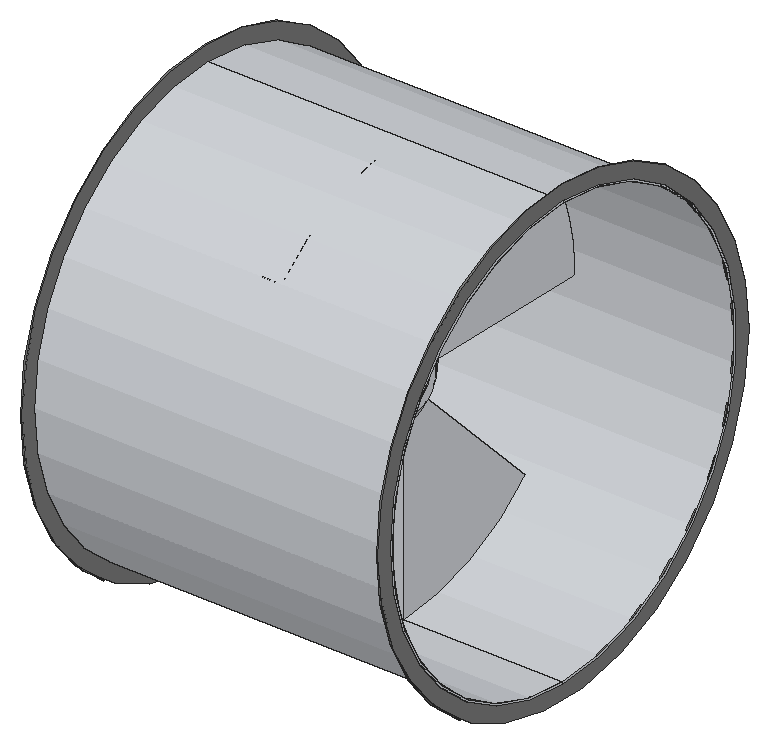
Revit family "НЕВАТОМ_Вентилятор VO без рамы, версия 1", category Оборудование, Revit 2017
Family settings
  Размер круглого соединителя = Использовать диаметр
  Тип детали = Нормальный
  На основе рабочей плоскости = Нет
  Всегда вертикально = Нет
  При загрузке вырезать с полостями = Нет
  Общий = Нет
  Точка расчета площади = Нет
Parameters (values of type "VO № 9,0(160)")
  Nevatom_URL = "https://t.me/NEVATOM_Bim_bot"
  L1 = 792 mm
  L = 750 mm
  H = 1105 mm
  D2.1 = D2v - D / 5  # 420 mm
  D2v = D1.1 - D / 15  # 600 mm
  D1.1 = D1v - D / 5  # 660 mm
  D1v = D - D / 15  # 840 mm
  D верх вент = D / 8  # 112.5 mm
  Hv = 126 mm
  D* = D / 12  # 75 mm
  D осн вент = D / 5  # 180 mm
  D = 900 mm
  D2 = 970 mm
  ADSK_Частота вращения вентилятора = 0
  ADSK_Ток = 0 A
  ADSK_Размер_Ширина = L1  # 792 mm
  ADSK_Размер_Длина = D2  # 970 mm
  ADSK_Размер_Высота = H  # 1105 mm
  ADSK_Примечание = ""
  ADSK_Полная мощность = 0 kW
  ADSK_Позиция = ""
  ADSK_Напряжение = 380 V  # constant formula
  ADSK_Наименование = "Вентилятор осевой"  # constant formula
  ADSK_Материал наименование = "Оцинкованная сталь"  # constant formula
  ADSK_Марка = "VO-9,0-О-1"
  ADSK_Количество = 1  # constant formula
  ADSK_Код изделия = ""
  ADSK_Завод-изготовитель = "НЕВАТОМ"  # constant formula
  ADSK_Единица измерения = "шт."  # constant formula
Types (38, lengths in mm): name | L1 | L | H | D2.1 | D2v | D1.1 | D1v | D верх вент | D* | D осн вент | D | D2 | ADSK_Размер_Ширина | ADSK_Размер_Длина | ADSK_Размер_Высота | ADSK_Марка
  VO № 4,0(63-90) | 490 | 420 | 505 | 186.667 | 266.667 | 293.333 | 373.333 | 50 | 33.333 | 80 | 400 | 480 | 490 | 480 | 505 | "VO-4,0-О-1"
  VO № 4,0(100) | 584 | 494 | 505 | 186.667 | 266.667 | 293.333 | 373.333 | 50 | 33.333 | 80 | 400 | 480 | 584 | 480 | 505 | "VO-4,0-О-1"
  VO № 5,0(63-80) | 540 | 450 | 625 | 233.333 | 333.333 | 366.667 | 466.667 | 62.5 | 41.667 | 100 | 500 | 560 | 540 | 560 | 625 | "VO-5,0-О-1"
  VO № 4,5(100) | 584 | 494 | 565 | 210 | 300 | 330 | 420 | 56.25 | 37.5 | 90 | 450 | 500 | 584 | 500 | 565 | "VO-4,5-О-1"
  VO № 5,0(90-112) | 584 | 494 | 625 | 233.333 | 333.333 | 366.667 | 466.667 | 62.5 | 41.667 | 100 | 500 | 560 | 584 | 560 | 625 | "VO-5,0-О-1"
  VO № 5,6(63 – 80, 90L4) | 550 | 450 | 695 | 261.333 | 373.333 | 410.667 | 522.667 | 70 | 46.667 | 112 | 560 | 620 | 550 | 620 | 695 | "VO-5,6-О-1"
  VO № 5,6(90L2, 100 – 112) | 594 | 494 | 695 | 261.333 | 373.333 | 410.667 | 522.667 | 70 | 46.667 | 112 | 560 | 620 | 594 | 620 | 695 | "VO-5,6-О-1"
  VO № 5,6(132) | 700 | 576 | 695 | 261.333 | 373.333 | 410.667 | 522.667 | 70 | 46.667 | 112 | 560 | 620 | 700 | 620 | 695 | "VO-5,6-О-1"
  VO № 5,6(160) | 860 | 720 | 695 | 261.333 | 373.333 | 410.667 | 522.667 | 70 | 46.667 | 112 | 560 | 620 | 860 | 620 | 695 | "VO-5,6-О-1"
  VO № 6,3(71 – 80, 90L4) | 560 | 450 | 785 | 294 | 420 | 462 | 588 | 78.75 | 52.5 | 126 | 630 | 690 | 560 | 690 | 785 | "VO-6,3-О-1"
  VO № 6,3(90L2, 100 – 112) | 594 | 494 | 785 | 294 | 420 | 462 | 588 | 78.75 | 52.5 | 126 | 630 | 690 | 594 | 690 | 785 | "VO-6,3-О-1"
  VO № 6,3(132) | 700 | 576 | 785 | 294 | 420 | 462 | 588 | 78.75 | 52.5 | 126 | 630 | 690 | 700 | 690 | 785 | "VO-6,3-О-1"
  VO № 7,1(71 – 90) | 574 | 450 | 875 | 331.333 | 473.333 | 520.667 | 662.667 | 88.75 | 59.167 | 142 | 710 | 770 | 574 | 770 | 875 | "VO-7,1-О-1"
  VO № 7,1(100 – 112) | 594 | 494 | 875 | 331.333 | 473.333 | 520.667 | 662.667 | 88.75 | 59.167 | 142 | 710 | 770 | 594 | 770 | 875 | "VO-7,1-О-1"
  VO № 7,1(132) | 700 | 576 | 875 | 331.333 | 473.333 | 520.667 | 662.667 | 88.75 | 59.167 | 142 | 710 | 770 | 700 | 770 | 875 | "VO-7,1-О-1"
  VO № 7,1(160) | 860 | 720 | 875 | 331.333 | 473.333 | 520.667 | 662.667 | 88.75 | 59.167 | 142 | 710 | 770 | 860 | 770 | 875 | "VO-7,1-О-1"
  VO № 8,0(71 – 90) | 590 | 450 | 980 | 373.333 | 533.333 | 586.667 | 746.667 | 100 | 66.667 | 160 | 800 | 860 | 590 | 860 | 980 | "VO-8,0-О-1"
  VO № 8,0(100 – 112) | 594 | 494 | 980 | 373.333 | 533.333 | 586.667 | 746.667 | 100 | 66.667 | 160 | 800 | 860 | 594 | 860 | 980 | "VO-8,0-О-1"
  VO № 8,0(132) | 740 | 600 | 980 | 373.333 | 533.333 | 586.667 | 746.667 | 100 | 66.667 | 160 | 800 | 860 | 740 | 860 | 980 | "VO-8,0-О-1"
  VO № 8,0(160) | 860 | 720 | 980 | 373.333 | 533.333 | 586.667 | 746.667 | 100 | 66.667 | 160 | 800 | 860 | 860 | 860 | 980 | "VO-8,0-О-1"
  VO № 9,0(71 – 90) | 492 | 450 | 1105 | 420 | 600 | 660 | 840 | 112.5 | 75 | 180 | 900 | 970 | 492 | 970 | 1105 | "VO-9,0-О-1"
  VO № 9,0(100) | 562 | 520 | 1105 | 420 | 600 | 660 | 840 | 112.5 | 75 | 180 | 900 | 970 | 562 | 970 | 1105 | "VO-9,0-О-1"
  VO № 9,0(112 – 132) | 672 | 600 | 1105 | 420 | 600 | 660 | 840 | 112.5 | 75 | 180 | 900 | 970 | 672 | 970 | 1105 | "VO-9,0-О-1"
  VO № 9,0(160) | 792 | 750 | 1105 | 420 | 600 | 660 | 840 | 112.5 | 75 | 180 | 900 | 970 | 792 | 970 | 1105 | "VO-9,0-О-1"
  VO № 10(80 – 90) | 492 | 450 | 1210 | 466.667 | 666.667 | 733.333 | 933.333 | 125 | 83.333 | 200 | 1000 | 1070 | 492 | 1070 | 1210 | "VO-10,0-О-1"
  VO № 10(100) | 562 | 520 | 1210 | 466.667 | 666.667 | 733.333 | 933.333 | 125 | 83.333 | 200 | 1000 | 1070 | 562 | 1070 | 1210 | "VO-10,0-О-1"
  VO № 10(112 – 132) | 642 | 600 | 1210 | 466.667 | 666.667 | 733.333 | 933.333 | 125 | 83.333 | 200 | 1000 | 1070 | 642 | 1070 | 1210 | "VO-10,0-О-1"
  VO № 10(160) | 842 | 800 | 1210 | 466.667 | 666.667 | 733.333 | 933.333 | 125 | 83.333 | 200 | 1000 | 1070 | 842 | 1070 | 1210 | "VO-10,0-О-1"
  VO № 10(180) | 942 | 900 | 1210 | 466.667 | 666.667 | 733.333 | 933.333 | 125 | 83.333 | 200 | 1000 | 1070 | 942 | 1070 | 1210 | "VO-10,0-О-1"
  VO № 11,2(80 – 90) | 506 | 450 | 1355 | 522.667 | 746.667 | 821.333 | 1045.333 | 140 | 93.333 | 224 | 1120 | 1190 | 506 | 1190 | 1355 | "VO-11,2-О-1"
  VO № 11,2(100) | 556 | 520 | 1355 | 522.667 | 746.667 | 821.333 | 1045.333 | 140 | 93.333 | 224 | 1120 | 1190 | 556 | 1190 | 1355 | "VO-11,2-О-1"
  VO № 11,2(112 – 132) | 643 | 600 | 1355 | 522.667 | 746.667 | 821.333 | 1045.333 | 140 | 93.333 | 224 | 1120 | 1190 | 643 | 1190 | 1355 | "VO-11,2-О-1"
  VO № 11,2(160) | 843 | 800 | 1355 | 522.667 | 746.667 | 821.333 | 1045.333 | 140 | 93.333 | 224 | 1120 | 1190 | 843 | 1190 | 1355 | "VO-11,2-О-1"
  VO № 11,2(180 – 200) | 943 | 900 | 1355 | 522.667 | 746.667 | 821.333 | 1045.333 | 140 | 93.333 | 224 | 1120 | 1190 | 943 | 1190 | 1355 | "VO-11,2-О-1"
  VO № 12,5(90 – 100) | 506 | 480 | 1510 | 583.333 | 833.333 | 916.667 | 1166.667 | 156.25 | 104.167 | 250 | 1250 | 1320 | 506 | 1320 | 1510 | "VO-12,5-О-1"
  VO № 12,5(112 – 132) | 626 | 600 | 1510 | 583.333 | 833.333 | 916.667 | 1166.667 | 156.25 | 104.167 | 250 | 1250 | 1320 | 626 | 1320 | 1510 | "VO-12,5-О-1"
  VO № 12,5(160 – 180) | 876 | 850 | 1510 | 583.333 | 833.333 | 916.667 | 1166.667 | 156.25 | 104.167 | 250 | 1250 | 1320 | 876 | 1320 | 1510 | "VO-12,5-О-1"
  VO № 12,5(200 – 250) | 1026 | 1000 | 1510 | 583.333 | 833.333 | 916.667 | 1166.667 | 156.25 | 104.167 | 250 | 1250 | 1320 | 1026 | 1320 | 1510 | "VO-12,5-О-1"
Reference planes
  plane 1 "По центру (Вперед/Назад)": y = 0
  plane 2: z = 0
  plane 3 "По центру (Влево/Вправо)": x = 0
  plane 4: x = -63
  plane 5: x = 63
  plane 6: x = -40
  plane 7: x = 40
  plane 8: y = 555
  plane 9: y = -555
  plane 10: z = 450
  plane 11: z = -450
  plane 12: x = -375
  plane 13: x = 375
  plane 14: x = 396
  plane 15: x = -396
  plane 16: z = -675
Forms (mm)
  Extrusion 1, solid
    sketch origin (0, 0, 0) x (0, 1, 0) y (0, 0, 1)
      loop
        circle (0, 0) r 37.5
    from -63 to 63
  Blend 2, solid
    base sketch origin (0, 0, 0) x (0, 1, 0) y (0, 0, 1)
      loop
        circle (0, 0) r 90
    top sketch origin (0, 0, 0) x (0, 1, 0) y (0, 0, 1)
      loop
        circle (0, 0) r 56.25
    from 40 to 63
  Extrusion 3, solid
    sketch origin (0, 0, 0) x (0, 1, 0) y (0, 0, 1)
      loop
        circle (0, 0) r 90
    from -90 to 0
  Extrusion 4, solid
    sketch origin (0, 0, 0) x (0, 1, 0) y (0, 0, 1)
      loop
        circle (0, 0) r 450
    from 0 to 40
  Extrusion 5, void
    sketch origin (0, 0, 0) x (0, 1, 0) y (0, 0, 1)
      loop
        arc (0, 29.167) -> (11.162, 26.946) -> (20.624, 20.624) r 29.167
        line (20.624, 20.624) -> (318.198, 318.198)
        arc (318.198, 318.198) -> (172.208, 415.746) -> (0, 450) r 450
        line (0, 450) -> (0, 29.167)
      loop
        arc (29.167, 0) -> (26.946, -11.162) -> (20.624, -20.624) r 29.167
        line (20.624, -20.624) -> (420.711, -420.711)
        arc (420.711, -420.711) -> (549.685, -227.687) -> (594.975, 0) r 594.975
        line (594.975, 0) -> (29.167, 0)
      loop
        line (-20.624, 20.624) -> (-391.421, 391.421)
        arc (-391.421, 391.421) -> (-511.417, 211.836) -> (-553.553, 0) r 553.553
        line (-553.553, 0) -> (-29.167, 0)
        arc (-29.167, 0) -> (-26.946, 11.162) -> (-20.624, 20.624) r 29.167
      loop
        arc (-318.198, -318.198) -> (-172.208, -415.746) -> (0, -450) r 450
        line (0, -450) -> (0, -29.167)
        arc (0, -29.167) -> (-11.162, -26.946) -> (-20.624, -20.624) r 29.167
        line (-20.624, -20.624) -> (-318.198, -318.198)
    from 0 to 40
  Revolve 6, solid
    sketch origin (0, 0, 0) x (1, 0, 0) y (0, 0, 1)
      loop
        line (-375, 453) -> (-375, 450) -> (375, 450) -> (375, 453) -> (-375, 453)
      axis (-375, 0) -> (375, 0)
    angle from 0 to 360
  Extrusion 7, solid, material "Реш"
    sketch origin (0, 0, 0) x (0, 1, 0) y (0, 0, 1)
      loop
        circle (0, 0) r 450
      loop
        circle (0, 0) r 485
    from 371.82 to 375
  Extrusion 8, solid, material "Реш"
    sketch origin (0, 0, 0) x (0, 1, 0) y (0, 0, 1)
      loop
        circle (0, 0) r 450
      loop
        circle (0, 0) r 485
    from -375 to -371.918
Cuts and joins
  Extrusion 5 cuts Extrusion 1
  Extrusion 5 cuts Blend 2
  Extrusion 5 cuts Extrusion 4
Lines and regions (mm)
  reference lines
    curve 1: circle (0, 0, 0) r 37.5 normal (1, 0, 0)
Dimensions and locks
  equal spacing: plane 4, plane 3 "По центру (Влево/Вправо)", plane 5
  "Hv": plane 4 to plane 5
  equal spacing: plane 6, plane 3 "По центру (Влево/Вправо)", plane 7
  equal spacing: plane 8, plane 1 "По центру (Вперед/Назад)", plane 9
  "D": plane 10 to plane 11
  equal spacing: plane 11, level, plane 10
  plane 11 to plane 10 = 900 mm
  equal spacing: plane 12, plane 3 "По центру (Влево/Вправо)", plane 13
  "L": plane 12 to plane 13
  locked: Revolve 6 sketch curve to Revolve 6 sketch curve at 3
  locked: Extrusion 7 to plane 13 at 3.18
  locked: plane 12 to Extrusion 8 at 3.082
  plane 8 to plane 9 = 1110 mm
  plane 10 to plane 11 = 900 mm
  equal spacing: plane 15, plane 3 "По центру (Влево/Вправо)", plane 14
  "L1": plane 15 to plane 14
  plane 16 to level = 675 mm
  plane 16 to plane 10 = 1125 mm
  "D*": diameter of Extrusion 1 sketch curve
  "D верх вент": diameter of Blend 2 sketch curve
  "D осн вент": diameter of Blend 2 sketch curve
  "D осн вент": diameter of Extrusion 3 sketch curve
  "D": diameter of Extrusion 4 sketch curve
  diameter of Extrusion 4 = 900 mm
  "D*": diameter of curve 1
  "D2": diameter of Extrusion 7 sketch curve
  "D2": diameter of Extrusion 8 sketch curve
  locked: Extrusion 5 sketch curve to Extrusion 5 sketch curve (angle 45.00°)  (x4)
  aligned and locked: level to plane 2
  aligned and locked: plane 5 to Extrusion 1
  aligned and locked: Extrusion 1 to plane 4
  aligned and locked: plane 5 to Blend 2
  aligned and locked: cut or joined group of Blend 2, Extrusion 5 to plane 7
  aligned and locked: Extrusion 4 to plane 7
  aligned and locked: Extrusion 4 to plane 3 "По центру (Влево/Вправо)"
  aligned and locked: Extrusion 5 sketch curve to level
  aligned and locked: Extrusion 5 sketch curve to plane 1 "По центру (Вперед/Назад)"  (x2)
  aligned and locked: Extrusion 5 to plane 7
  aligned and locked: Extrusion 5 sketch curve to Extrusion 5 sketch curve  (x3)
  aligned and locked: Revolve 6 sketch curve to plane 10
  aligned and locked: Revolve 6 sketch curve to plane 13
  aligned and locked: plane 12 to Revolve 6 sketch curve
  aligned and locked: Revolve 6 sketch curve to level
  aligned and locked: Extrusion 7 sketch curve to Revolve 6  (x2)
  aligned and locked: plane 13 to Extrusion 7
  aligned and locked: Extrusion 8 sketch curve to Revolve 6  (x2)
  aligned and locked: Extrusion 8 to plane 12
  aligned and locked: plane 3 "По центру (Влево/Вправо)" to Extrusion 3
  aligned and locked: nested 1 to cut or joined group of Extrusion 1, Extrusion 5
Automatic sketch dimensions
  Extrusion 5 sketch curve to Extrusion 5 sketch curve = 0 mm  (x4)
  Extrusion 5 sketch curve to plane 11 = 0 mm
  plane 10 to Extrusion 5 sketch curve = 0 mm
  plane 1 "По центру (Вперед/Назад)" to Extrusion 5 sketch curve = 20.624 mm  (x2)
  Extrusion 5 sketch curve to Extrusion 5 sketch curve = 8.543 mm
  plane 10 to Extrusion 5 sketch curve = 58.579 mm
  Extrusion 5 sketch curve to level = 20.624 mm
  level to Extrusion 5 sketch curve = 20.624 mm
  plane 11 to Extrusion 5 sketch curve = 29.289 mm
  Revolve 6 sketch curve to plane 15 = 1191.99 mm
  plane 14 to Revolve 6 sketch curve = 1738.983 mm
  Extrusion 1 sketch curve to level = 0 mm
  Extrusion 1 sketch curve to plane 1 "По центру (Вперед/Назад)" = 0 mm
  curve 1 to level = 0 mm
  curve 1 to plane 1 "По центру (Вперед/Назад)" = 0 mm
  Blend 2 sketch curve to level = 0 mm  (x2)
  Blend 2 sketch curve to plane 1 "По центру (Вперед/Назад)" = 0 mm  (x2)
  Extrusion 3 sketch curve to level = 0 mm
  Extrusion 3 sketch curve to plane 1 "По центру (Вперед/Назад)" = 0 mm
  Extrusion 4 sketch curve to level = 0 mm
  Extrusion 4 sketch curve to plane 1 "По центру (Вперед/Назад)" = 0 mm
  Extrusion 7 sketch curve to Extrusion 7 sketch curve = 0 mm  (x2)
  Extrusion 7 sketch curve to plane 1 "По центру (Вперед/Назад)" = 0 mm  (x2)
  Extrusion 8 sketch curve to Extrusion 8 sketch curve = 0 mm  (x2)
  Extrusion 8 sketch curve to plane 1 "По центру (Вперед/Назад)" = 0 mm  (x2)
Nested families
  nested 1: "НЕВАТОМ_QR-D" at (63, 0, -0.887), type "Nevatom_Logo_100", not visible
Connectors
  hvac at (-375, 0, 0), driven by "D"
    settings: on Extrusion 8, index 1, duct flow 0.0 L/s, flow factor 0, pres drop 0.0 Pa, loss coef 0, conn angle 0.00°, conn width 304.8 mm, conn height 304.8 mm, conn diameter 900 mm, duct sys type 29, conn prof type 0, flow config 0, flow direction 0, loss method 0, conn ref index 3, conn util no, is conn primary yes, conn desc ""
  hvac at (375, 0, 0), driven by "D"
    settings: on Extrusion 7, index 3, duct flow 0.0 L/s, flow factor 0, pres drop 0.0 Pa, loss coef 0, conn angle 0.00°, conn width 304.8 mm, conn height 304.8 mm, conn diameter 900 mm, duct sys type 29, conn prof type 0, flow config 0, flow direction 0, loss method 0, conn ref index 1, conn util no, is conn primary no, conn desc ""
Definition of nested family "НЕВАТОМ_QR-D"
  Parameters (values of type "Nevatom_Logo_200")
    Nevatom_Logo_D = none
    L = 2 mm
    D = 200 mm
  Types (4, lengths in mm): name | D
    (no name) | 200
    Nevatom_Logo_50 | 50
    Nevatom_Logo_100 | 100
    Nevatom_Logo_200 | 200
  Reference planes
    plane 1 "По центру (Вперед/Назад)": y = 0
    plane 2: z = 0
    plane 3 "По центру (Влево/Вправо)": x = 0
  Forms (mm)
    Extrusion 1, solid, material <- "Nevatom_Logo_D"
      sketch origin (0, 0, 0) x (0, 1, 0) y (0, 0, 1)
        loop
          circle (0, 0) r 100
      from 0 to 2 <- "L"
  Dimensions and locks
    "D": diameter of Extrusion 1 sketch curve
    aligned and locked: level to plane 2
  Automatic sketch dimensions
    Extrusion 1 sketch curve to level = 0 mm
    Extrusion 1 sketch curve to plane 1 "По центру (Вперед/Назад)" = 0 mm
